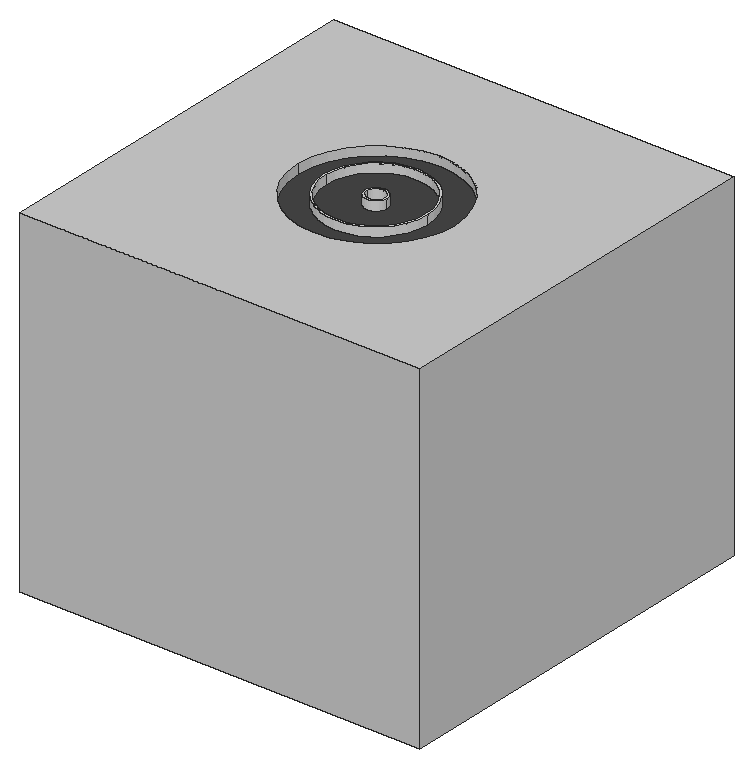
Revit family "Domotics-DomesticRanges-GEWISS-CHORUS_DATA-SOCKET-OUTLET_TV_2M", category Apparecchi elettrici, host Superficie, Revit 2016
Family settings
  Host = Superficie
  Mantenere orientamento annotazione = Sì
  Tipo di parte = Normale
  Quota connettore circolare = Usa diametro
  Taglio con vuoti quando caricato = Sì
  Condiviso = Sì
  Punto di calcolo locali = Sì
Parameters (values of type "GW14367 - TV SOCKET 2M DIR. MALE CONN 9.5mm T")
  Volt = 230 V
  Vista in pianta [instance] = yes
  Version file RFA = "19.0"
  URL = "https://www.gewiss.com/ww/en"
  Tipo_ = SYSTEM PRESE TV_GENERICO : GW14361
  Technical sheet = "https://www.gewiss.com/ww/en/search?q=GW14367"
  Simbolo [instance] = yes
  Realized by GEWISS S.p.A. = ""
  Default Elevation = 1219.2 mm
  Produttore = "GEWISS S.p.A."
  Offset presa [instance] = 0 mm
  Offset bidimensionale [instance] = 39.3 mm
  N. poli = 1
  Modello = "GW14367"
  Immagine tipo = GW14367.jpg
  IFC.TypeObject = ""
  IFC.ExportType = ""
  IFC.ExportAs = ""
  IDT = "f89402ba-8240-4a2e-bb08-6181f0328f02"
  IDF = "4883c98a-1aa9-4cba-8233-40c92f23e849"
  Electrocod = "3722                "
  EAN code = "8011564823723"
  Distanza_x [instance] = 0 mm
  Distanza_effettiva_y [instance] = 100 mm
  Distanza_effettiva_x [instance] = 1000 mm - Distanza_x  # 1000 mm
  Distanza orizzontale del simbolo [instance] = 45.729 mm
  Distanza dal muro [instance] = 4.208 mm
  Descrizione = "TV SOCKET 2M DIR. MALE CONN 9.5mm T"
  Catalogue Range = "CHORUS - DOMESTIC RANGE"
  Catalogue = "DOMOTICS"
  Carico apparente = 0 VA
  COBie.Tagnumber = ""
  COBie.CreatedOn = ""
  COBie.CreatebBy = ""
  COBie.ComponentRegisterItemID = ""
  COBie.Component.TagNumber = ""
  COBie.Component.Space = ""
  COBie.Component.SerialNumber = ""
  COBie.Component.InstallationDate = ""
  COBie.Component.Description = ""
  COBie.Component.BarCode = ""
Types (3, lengths in mm): name | Tipo_ | Technical sheet | Modello | Immagine tipo | IDT | EAN code | Descrizione
  GW10367 - TV SOCKET 2M DIR. MALE CONN 9.5mm W | SYSTEM PRESE TV_GENERICO : GW10361 | "https://www.gewiss.com/ww/en/search?q=GW10367" | "GW10367" | GW10367.jpg | "818e0f44-9857-442d-9ca0-59443c9cc596" | "8011564823648" | "TV SOCKET 2M DIR. MALE CONN 9.5mm W"
  GW12367 - TV SOCKET 2M DIR. MALE CONN 9.5mm B | SYSTEM PRESE TV_GENERICO : GW12361 | "https://www.gewiss.com/ww/en/search?q=GW12367" | "GW12367" | GW12367.jpg | "e346c280-e1aa-458e-8c39-e181663d4737" | "8011564823716" | "TV SOCKET 2M DIR. MALE CONN 9.5mm B"
  GW14367 - TV SOCKET 2M DIR. MALE CONN 9.5mm T | SYSTEM PRESE TV_GENERICO : GW14361 | "https://www.gewiss.com/ww/en/search?q=GW14367" | "GW14367" | GW14367.jpg | "f89402ba-8240-4a2e-bb08-6181f0328f02" | "8011564823723" | "TV SOCKET 2M DIR. MALE CONN 9.5mm T"
Reference planes
  plane 1 "Centro (Fronte/Retro)": y = 0
  plane 2: z = 0
  plane 3 "Centro (Sinistra/Destra)": x = 0
  plane 4: x = -1000
  plane 5: x = 0
  plane 6: y = 100
  plane 7: z = 0
  plane 8 "A": z = 39.3
  plane 9: z = 39
Lines and regions (mm)
  Masking region 1, visible <- "Vista in pianta"
    outline origin (0, 0, 0) x (1, 0, 0) y (0, 1, 0)
      loop
        line (-23.001, 22.5) -> (-23.001, -22.5) -> (22.989, -22.5) -> (22.989, 22.5) -> (-23.001, 22.5)
      loop
        circle (0, 0) r 9.026
      loop
        circle (0, 0) r 5.754
      loop
        circle (0, 0) r 1.046
      loop
        line (0.281, 17.492) -> (3.977, 10.245) -> (7.673, 17.492) -> (6.868, 17.492) -> (3.977, 11.824) -> (1.086, 17.492) -> (0.281, 17.492)
      loop
        line (-4.356, 10.347) -> (-3.551, 10.347) -> (-3.551, 16.716) -> (-0.733, 16.716) -> (-0.733, 17.521) -> (-7.174, 17.521) -> (-7.174, 16.716) -> (-4.356, 16.716) -> (-4.356, 10.347)
  Masking region 2, visible <- "Vista in pianta"
    outline origin (0, 0, 0) x (1, 0, 0) y (0, 0, 1)
      loop
        line (11.5, 0) -> (11.5, 39) -> (-11.5, 39) -> (-11.5, 0) -> (11.5, 0)
  Masking region 3, visible <- "Vista in pianta"
    outline origin (0, 0, 0) x (0, 1, 0) y (0, 0, 1)
      loop
        line (-22.5, 39) -> (-22.5, 0) -> (22.5, 0) -> (22.5, 39) -> (-22.5, 39)
  model lines, style "0", not visible, detail levels coarse
    curve 1: arc (40.941, 35.069, 0) -> (36.863, 30.992, 0) -> (40.941, 26.915, 0) r 4.077
    curve 2: arc (48.922, 26.915, 0) -> (53, 30.992, 0) -> (48.922, 35.069, 0) r 4.077
    curve 3: line (56.432, 23.317, 0) -> (33.432, 23.317, 0)
    curve 4: line (33.432, 23.317, 0) -> (33.432, 68.317, 0)
    curve 5: line (33.432, 68.317, 0) -> (56.432, 68.317, 0)
    curve 6: line (56.432, 68.317, 0) -> (56.432, 23.317, 0)
    curve 7: line (40.941, 35.069, 0) -> (42.406, 35.069, 0)
    curve 8: line (42.406, 35.069, 0) -> (42.406, 64.372, 0)
    curve 9: line (42.406, 64.372, 0) -> (47.457, 64.372, 0)
    curve 10: line (47.457, 64.372, 0) -> (47.457, 35.069, 0)
    curve 11: line (47.457, 35.069, 0) -> (48.922, 35.069, 0)
    curve 12: line (40.941, 26.915, 0) -> (48.922, 26.915, 0)
    curve 34: circle (52.262, 43.827, 39.3) r 1.146 normal (0, 0, 1)
    curve 35: circle (52.262, 43.827, 39.3) r 9.026 normal (0, 0, 1)
    curve 36: circle (52.262, 43.827, 39.3) r 5.854 normal (0, 0, 1)
    curve 37: line (75.251, 21.327, 39.3) -> (29.261, 21.327, 39.3)
    curve 38: line (29.261, 21.327, 39.3) -> (29.261, 66.327, 39.3)
    curve 39: line (29.261, 66.327, 39.3) -> (75.251, 66.327, 39.3)
    curve 40: line (75.251, 66.327, 39.3) -> (75.251, 21.327, 39.3)
    curve 41: line (56.254, 55.68, 39.3) -> (53.363, 61.348, 39.3)
    curve 42: line (53.363, 61.348, 39.3) -> (52.558, 61.348, 39.3)
    curve 43: line (52.558, 61.348, 39.3) -> (56.254, 54.102, 39.3)
    curve 44: line (56.254, 54.102, 39.3) -> (59.951, 61.348, 39.3)
    curve 45: line (59.951, 61.348, 39.3) -> (59.146, 61.348, 39.3)
    curve 46: line (59.146, 61.348, 39.3) -> (56.254, 55.68, 39.3)
    curve 47: line (48.734, 60.543, 39.3) -> (51.553, 60.543, 39.3)
    curve 48: line (51.553, 60.543, 39.3) -> (51.553, 61.348, 39.3)
    curve 49: line (51.553, 61.348, 39.3) -> (45.111, 61.348, 39.3)
    curve 50: line (45.111, 61.348, 39.3) -> (45.111, 60.543, 39.3)
    curve 51: line (45.111, 60.543, 39.3) -> (47.929, 60.543, 39.3)
    curve 52: line (47.929, 60.543, 39.3) -> (47.929, 54.107, 39.3)
    curve 53: line (47.929, 54.107, 39.3) -> (48.734, 54.107, 39.3)
    curve 54: line (48.734, 54.107, 39.3) -> (48.734, 60.543, 39.3)
  model lines, style "0", detail levels coarse
    curve 13: circle (0, 0, 39.3) r 1.146 normal (0, 0, 1)
    curve 14: circle (0, 0, 39.3) r 9.026 normal (0, 0, 1)
    curve 15: circle (0, 0, 39.3) r 5.854 normal (0, 0, 1)
    curve 16: line (22.989, -22.5, 39.3) -> (-23.001, -22.5, 39.3)
    curve 17: line (-23.001, -22.5, 39.3) -> (-23.001, 22.5, 39.3)
    curve 18: line (-23.001, 22.5, 39.3) -> (22.989, 22.5, 39.3)
    curve 19: line (22.989, 22.5, 39.3) -> (22.989, -22.5, 39.3)
    curve 20: line (3.992, 11.853, 39.3) -> (1.101, 17.521, 39.3)
    curve 21: line (1.101, 17.521, 39.3) -> (0.296, 17.521, 39.3)
    curve 22: line (0.296, 17.521, 39.3) -> (3.992, 10.275, 39.3)
    curve 23: line (3.992, 10.275, 39.3) -> (7.689, 17.521, 39.3)
    curve 24: line (7.689, 17.521, 39.3) -> (6.883, 17.521, 39.3)
    curve 25: line (6.883, 17.521, 39.3) -> (3.992, 11.853, 39.3)
    curve 26: line (-3.528, 16.716, 39.3) -> (-0.71, 16.716, 39.3)
    curve 27: line (-0.71, 16.716, 39.3) -> (-0.71, 17.521, 39.3)
    curve 28: line (-0.71, 17.521, 39.3) -> (-7.151, 17.521, 39.3)
    curve 29: line (-7.151, 17.521, 39.3) -> (-7.151, 16.716, 39.3)
    curve 30: line (-7.151, 16.716, 39.3) -> (-4.333, 16.716, 39.3)
    curve 31: line (-4.333, 16.716, 39.3) -> (-4.333, 10.28, 39.3)
    curve 32: line (-4.333, 10.28, 39.3) -> (-3.528, 10.28, 39.3)
    curve 33: line (-3.528, 10.28, 39.3) -> (-3.528, 16.716, 39.3)
Dimensions and locks
  plane 4 to plane 3 "Centro (Sinistra/Destra)" = 1000 mm
  "Distanza_effettiva_x": plane 4 to plane 5
  "Distanza_effettiva_y": plane 6 to plane 1 "Centro (Fronte/Retro)"
  "Offset presa": plane 7 to host face
  "Offset bidimensionale": plane 8 "A" to host face
  locked: plane 9 to plane 7 at 39
  aligned and locked: plane 2 to host face
  aligned and locked: level to host face
  aligned and locked: plane 3 "Centro (Sinistra/Destra)" to nested 1
  aligned and locked: plane 1 "Centro (Fronte/Retro)" to nested 1
  aligned and locked: nested 2 to plane 6
  aligned and locked: nested 2 to plane 5
  aligned and locked: nested 1 to Masking region 1 sketch curve
  aligned and locked: Masking region 1 sketch curve to nested 1
  aligned and locked: nested 1 to plane 7  (x2)
  aligned and locked: nested 1 to plane 9  (x2)
  aligned and locked: Masking region 2 sketch curve to nested 1  (x2)
  aligned and locked: plane 9 to Masking region 2 sketch curve
  aligned and locked: plane 7 to Masking region 2 sketch curve
  aligned and locked: Masking region 2 to plane 7
  aligned and locked: plane 7 to nested 1  (x2)
  aligned and locked: Masking region 3 sketch curve to nested 1  (x2)
  aligned and locked: plane 9 to Masking region 3 sketch curve
  aligned and locked: plane 7 to Masking region 3 sketch curve
  aligned and locked: Masking region 3 to plane 7
  aligned and locked: Masking region 3 to plane 9
Automatic sketch dimensions
  host sketch curve to host sketch curve = 2438.4 mm  (x2)
  curve 13 to curve 14 = 0 mm  (x2)
  curve 13 to curve 15 = 0 mm  (x2)
  curve 14 to curve 15 = 0 mm  (x2)
  curve 17 to curve 29 = 4.979 mm
  curve 18 to curve 23 = 4.979 mm
  curve 27 to curve 22 = 0 mm
  curve 27 to curve 27 = 0.805 mm
  curve 30 to curve 26 = 0 mm
  curve 20 to curve 20 = 5.668 mm
  curve 26 to curve 32 = 6.437 mm
  curve 20 to curve 23 = 1.578 mm
  curve 32 to curve 14 = 10.28 mm
  curve 13 to curve 17 = 22.5 mm
  curve 17 to curve 30 = 15.851 mm
  curve 29 to curve 32 = 2.818 mm
  curve 31 to curve 33 = 0.805 mm
  curve 26 to curve 28 = 2.818 mm
  curve 32 to curve 13 = 3.528 mm
  curve 27 to curve 21 = 1.005 mm
  curve 21 to curve 20 = 0.805 mm
  curve 32 to curve 22 = 7.52 mm
  curve 25 to curve 22 = 0 mm
  curve 20 to curve 24 = 5.782 mm
  curve 24 to curve 24 = 0.805 mm
  curve 23 to curve 18 = 15.301 mm
  curve 34 to curve 35 = 0 mm  (x2)
  curve 34 to curve 36 = 0 mm  (x2)
  curve 35 to curve 36 = 0 mm  (x2)
  curve 38 to curve 50 = 4.979 mm
  curve 39 to curve 44 = 4.979 mm
  curve 48 to curve 43 = 0 mm
  curve 48 to curve 48 = 0.805 mm
  curve 51 to curve 47 = 0 mm
  curve 41 to curve 41 = 5.668 mm
  curve 47 to curve 53 = 6.437 mm
  curve 41 to curve 44 = 1.578 mm
  curve 53 to curve 35 = 10.28 mm
  curve 34 to curve 38 = 22.5 mm
  curve 38 to curve 51 = 15.851 mm
  curve 50 to curve 53 = 2.818 mm
  curve 52 to curve 54 = 0.805 mm
  curve 47 to curve 49 = 2.818 mm
  curve 53 to curve 34 = 3.528 mm
  curve 48 to curve 42 = 1.005 mm
  curve 42 to curve 41 = 0.805 mm
  curve 53 to curve 43 = 7.52 mm
  curve 46 to curve 43 = 0 mm
  curve 41 to curve 45 = 5.782 mm
  curve 45 to curve 45 = 0.805 mm
  curve 44 to curve 39 = 15.301 mm
  Masking region 1 sketch curve to Masking region 1 sketch curve = 0 mm  (x32)
  plane 1 "Centro (Fronte/Retro)" to Masking region 1 sketch curve = 0 mm
  Masking region 1 sketch curve to plane 3 "Centro (Sinistra/Destra)" = 0 mm
  Masking region 1 sketch curve to plane 3 "Centro (Sinistra/Destra)" = 0.733 mm
  Masking region 1 sketch curve to plane 3 "Centro (Sinistra/Destra)" = 3.551 mm
  Masking region 1 sketch curve to Masking region 1 sketch curve = 0.805 mm  (x4)
  Masking region 1 sketch curve to Masking region 1 sketch curve = 2.818 mm
  Masking region 1 sketch curve to Masking region 1 sketch curve = 15.827 mm
  plane 3 "Centro (Sinistra/Destra)" to Masking region 1 sketch curve = 0.281 mm
  plane 3 "Centro (Sinistra/Destra)" to Masking region 1 sketch curve = 3.977 mm
  Masking region 1 sketch curve to Masking region 1 sketch curve = 5.782 mm
  plane 3 "Centro (Sinistra/Destra)" to Masking region 1 sketch curve = 22.989 mm
  Masking region 1 sketch curve to plane 1 "Centro (Fronte/Retro)" = 10.245 mm
  Masking region 1 sketch curve to Masking region 1 sketch curve = 0.101 mm
  Masking region 1 sketch curve to Masking region 1 sketch curve = 1.578 mm
  Masking region 1 sketch curve to Masking region 1 sketch curve = 6.369 mm
  Masking region 1 sketch curve to Masking region 1 sketch curve = 5.668 mm
  Masking region 1 sketch curve to Masking region 1 sketch curve = 0.775 mm
  Masking region 1 sketch curve to Masking region 1 sketch curve = 1.046 mm
  Masking region 1 sketch curve to Masking region 1 sketch curve = 4.708 mm
  Masking region 1 sketch curve to Masking region 1 sketch curve = 3.272 mm
  radius of curve 13 = 1.146 mm
  radius of curve 14 = 9.026 mm
  radius of curve 15 = 5.854 mm
  radius of curve 34 = 1.146 mm
  radius of curve 35 = 9.026 mm
  radius of curve 36 = 5.854 mm
Nested families
  nested 1: "SYSTEM PRESE TV_GENERICO" at (0, 0, 0), type <- "Tipo_", type "GW14361", detail levels medium+fine
  nested 2: "SIMBOLO" at (0, 100, 0), visible <- "Simbolo", SIMBOLO <- "Simbolo", type "SIMBOLO"
    with SIMBOLO yes, Distanza dal muro 4.208 mm, BORDO ACCESO yes
Connectors
  electrical at (0.086, 0, 0), driven by "N. poli", driven by "Volt", driven by "Carico apparente"
    settings: on nested 1, index 1, voltage 230 V, apparent load 0 VA, apparent load phase1 0 VA, apparent load phase2 0 VA, apparent load phase3 0 VA, power factor 1, load classification "Altro", number of poles 1, system type 31, power factor state 1, is connector primary yes, connector utility no, sub classification motor no, connector description ""
Definition of nested family "SYSTEM PRESE TV_GENERICO"
  Parameters (values of type "GW10361")
    Profondità presa = 39 mm
    Finitura System Limitatore Tensione = none
    Altezza da Terra = 750 mm
  Types (11): name
    GW10361
    GW12361
    GW14361
    GW21386 Presa TV passante attenuata 5 dB conn. maschio 9,5mm nero
    GW21383 Presa TV passante attenuata 14dB conn. maschio 9,5mm nero
    GW21382 Presa TV passante attenuata 10dB conn. maschio 9,5mm nero
    GW21381 Presa TV diretta connettore maschio 9,5mm nero
    GW20386 Presa TV passante attenuata 5 dB conn. maschio 9,5mm bianco
    GW20383 Presa TV passante attenuata 14dB conn. maschio 9,5mm bianco
    GW20382 Presa TV passante attenuata 10dB conn. maschio 9,5mm bianco
    GW20381 Presa TV diretta connettore maschio 9,5mm bianco
  Reference planes
    plane 1 "Centro (Fronte/Retro)": y = 0
    plane 2: z = 0
    plane 3 "Centro (Sinistra/Destra)": x = 0
    plane 4: z = 0
    plane 5 "a": z = 39
    plane 6: z = 38
    plane 7: x = -11.5
    plane 8: x = 11.5
    plane 9: y = 22.5
    plane 10: y = -22.5
    plane 11: z = 1
  Forms (mm)
    Extrusion 1, solid, material <- "Finitura System Limitatore Tensione"
      sketch origin (-51.839, -802.514, 39) x (1, 0, 0) y (0, 1, 0)
        loop
          line (28.97, 825.014) -> (28.97, 780.014) -> (74.88, 780.014) -> (74.88, 825.014) -> (28.97, 825.014)
        loop
          circle (51.929, 802.514) r 9.026
      from 0 to -39
    Extrusion 2, solid, material <- "Finitura System Limitatore Tensione"
      sketch origin (0, 0, 0) x (1, 0, 0) y (0, 1, 0)
        loop
          circle (0, 0) r 9.026
      from 0 to 1
    Extrusion 3, solid
      sketch origin (0, 0, 0) x (1, 0, 0) y (0, 1, 0)
        loop
          circle (0, 0) r 9.026
      from 1 to 38
    Extrusion 4, solid
      sketch origin (0, 0, 0) x (1, 0, 0) y (0, 1, 0)
        loop
          circle (0, 0) r 5.754
        loop
          circle (0, 0) r 5.954
        loop
          circle (0, 0) r 1.046
        loop
          circle (0, 0) r 1.246
      from 38 to 39
  Cuts and joins
    joined: Extrusion 1, Extrusion 2
  Lines and regions (mm)
    model lines
      curve 1: line (-0.672, 17.546, 39) -> (-7.113, 17.546, 39)
      curve 2: line (-7.113, 17.546, 39) -> (-7.113, 16.74, 39)
      curve 3: line (-7.113, 16.74, 39) -> (-4.295, 16.74, 39)
      curve 4: line (-4.295, 16.74, 39) -> (-4.295, 10.347, 39)
      curve 5: line (-4.295, 10.347, 39) -> (-3.49, 10.347, 39)
      curve 6: line (-3.49, 10.347, 39) -> (-3.49, 16.74, 39)
      curve 7: line (-3.49, 16.74, 39) -> (-0.672, 16.74, 39)
      curve 8: line (-0.672, 16.74, 39) -> (-0.672, 17.546, 39)
      curve 9: line (7.653, 17.507, 39) -> (6.848, 17.507, 39)
      curve 10: line (6.848, 17.507, 39) -> (3.957, 11.839, 39)
      curve 11: line (3.957, 10.261, 39) -> (7.653, 17.507, 39)
      curve 12: line (0.26, 17.507, 39) -> (3.957, 10.261, 39)
      curve 13: line (3.957, 11.839, 39) -> (1.065, 17.507, 39)
      curve 14: line (1.065, 17.507, 39) -> (0.26, 17.507, 39)
  Dimensions and locks
    "Profondità presa": plane 5 "a" to level
    plane 5 "a" to plane 6 = 1 mm
    equal spacing: plane 10, plane 1 "Centro (Fronte/Retro)", plane 9
    plane 10 to plane 9 = 45 mm
    equal spacing: plane 7, plane 3 "Centro (Sinistra/Destra)", plane 8
    plane 7 to plane 8 = 23 mm
    locked: plane 11 to level at 1
    aligned and locked: level to plane 2
    aligned and locked: Extrusion 1 to plane 4
    aligned and locked: plane 2 to plane 4
    aligned and locked: plane 5 "a" to Extrusion 1
    aligned and locked: Extrusion 1 to plane 9
    aligned and locked: plane 10 to Extrusion 1
    aligned and locked: Extrusion 2 to level
    aligned and locked: plane 11 to Extrusion 2
    aligned and locked: Extrusion 3 to plane 11
    aligned and locked: plane 6 to Extrusion 3
    aligned and locked: Extrusion 4 to plane 6
    aligned and locked: plane 5 "a" to Extrusion 4
  Automatic sketch dimensions
    Extrusion 1 sketch curve to plane 3 "Centro (Sinistra/Destra)" = 22.869 mm
    plane 1 "Centro (Fronte/Retro)" to Extrusion 1 sketch curve = 22.5 mm
    Extrusion 1 sketch curve to plane 1 "Centro (Fronte/Retro)" = 22.5 mm
    plane 3 "Centro (Sinistra/Destra)" to Extrusion 1 sketch curve = 23.041 mm
    Extrusion 2 sketch curve to Extrusion 2 sketch curve = 0 mm  (x2)
    plane 1 "Centro (Fronte/Retro)" to Extrusion 2 sketch curve = 0 mm
    Extrusion 2 sketch curve to plane 3 "Centro (Sinistra/Destra)" = 0 mm
    Extrusion 2 sketch curve to plane 7 = 2.474 mm
    Extrusion 3 sketch curve to Extrusion 3 sketch curve = 0 mm  (x2)
    plane 1 "Centro (Fronte/Retro)" to Extrusion 3 sketch curve = 0 mm
    Extrusion 3 sketch curve to plane 3 "Centro (Sinistra/Destra)" = 0 mm
    Extrusion 3 sketch curve to plane 7 = 2.474 mm
    Extrusion 4 sketch curve to Extrusion 4 sketch curve = 0 mm  (x6)
    plane 1 "Centro (Fronte/Retro)" to Extrusion 4 sketch curve = 0 mm
    Extrusion 4 sketch curve to plane 3 "Centro (Sinistra/Destra)" = 0 mm
    curve 1 to plane 3 "Centro (Sinistra/Destra)" = 0.672 mm
    plane 9 to curve 1 = 4.954 mm
    curve 1 to curve 14 = 0.039 mm
    plane 9 to curve 11 = 4.993 mm
    curve 1 to curve 7 = 0.805 mm
    curve 1 to curve 2 = 0.805 mm
    plane 3 "Centro (Sinistra/Destra)" to curve 13 = 3.957 mm
    curve 13 to curve 13 = 5.668 mm
    curve 6 to curve 6 = 6.394 mm
    plane 3 "Centro (Sinistra/Destra)" to curve 11 = 3.957 mm
    curve 10 to curve 11 = 1.578 mm
    curve 6 to curve 7 = 2.818 mm
    curve 5 to curve 5 = 0.805 mm
    curve 3 to curve 3 = 2.818 mm
    plane 3 "Centro (Sinistra/Destra)" to curve 12 = 0.26 mm
    curve 12 to curve 14 = 0.805 mm
    plane 8 to curve 10 = 4.652 mm
    curve 9 to curve 9 = 0.805 mm
    radius of Extrusion 4 sketch curve = 5.754 mm
    radius of Extrusion 4 sketch curve = 5.954 mm
    radius of Extrusion 4 sketch curve = 1.046 mm
    radius of Extrusion 4 sketch curve = 1.246 mm
Definition of nested family "SIMBOLO"
  Parameters (values of type "SIMBOLO")
    SIMBOLO [instance] = yes
    Distanza dal muro [instance] = 4.208 mm
    BORDO ACCESO [instance] = yes
  Reference planes
    plane 1: y = 0
    plane 2: x = 0
  Dimensions and locks
    aligned and locked: plane 1 to nested 1
  Nested families
    nested 1: "SCARICSOVRAT_BASE" at (0, 0, 0), BORDO ACCESO <- "BORDO ACCESO", visible <- "SIMBOLO", type "SCARICSOVRAT"
      with BORDO ACCESO yes
  Definition of nested family "SCARICSOVRAT_BASE"
    Parameters (values of type "SCARICSOVRAT")
      Distanza dal muro = 4.208 mm
      BORDO ACCESO [instance] = yes
    Reference planes
      plane 1: y = 0
      plane 2: x = 0
    Lines and regions (mm)
      detail lines, visible <- "BORDO ACCESO", not visible
        curve 1: line (-1.743, 9.208, 0) -> (2.057, 9.208, 0)
        curve 2: line (2.057, 9.208, 0) -> (2.057, 4.208, 0)
        curve 3: line (2.057, 4.208, 0) -> (-1.743, 4.208, 0)
        curve 4: line (-1.743, 4.208, 0) -> (-1.743, 9.208, 0)
        curve 5: line (-1.543, 9.008, 0) -> (1.857, 9.008, 0)
        curve 6: line (1.857, 9.008, 0) -> (1.857, 4.408, 0)
        curve 7: line (1.857, 4.408, 0) -> (-1.543, 4.408, 0)
        curve 8: line (-1.543, 4.408, 0) -> (-1.543, 9.008, 0)
